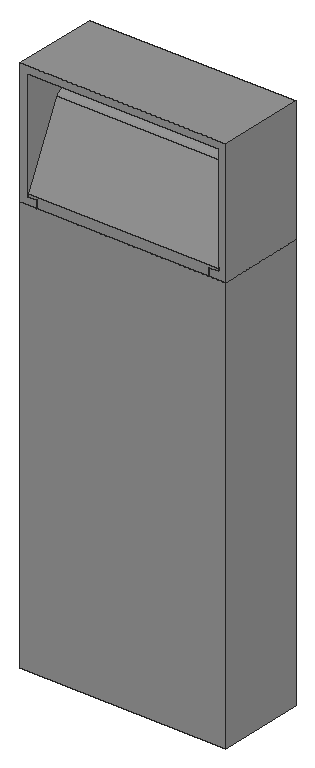
Revit family "0047930 Sylvania Lighting Fixture START eco Bollard Rectangular M IP65 780lm 830 BLK", category Lighting Fixtures, host Face, Revit 2016
Family settings
  Host = Face
  Part Type = Normal
  Round Connector Dimension = Use Diameter
  OmniClass Number = 23.80.70.00
  OmniClass Title = Lighting
  Cut with Voids When Loaded = No
  Light Source = Yes
  Shared = No
  Room Calculation Point = No
Parameters (values of type "0047930 ST E BLLRD RECT M IP65 780LM 830 BLK")
  Weight = "6.08 kg"
  Wattage Comments = ""
  Wattage = 12 W
  WarrantyStartDate [instance] = "n/a"
  WarrantyGuarantorParts = "n/a"
  WarrantyDurationUnit = "n/a"
  WarrantyDurationParts = "n/a"
  WarrantyDescription = "n/a"
  built-in parameter 1150110 = 1 (stored number, unit not read)
  Voltage = 230 V
  URL = "http://www.sylvania-lighting.com"
  TypeName = "START eco Bollard Rectangular M IP65 780lm 830 BLK"
  Type Image = <None>
  Type Comments = "n/a"
  built-in parameter 1114217 = 1 (stored number, unit not read)
  Tilt Angle = 90.00°
  built-in parameter 1150109 = 1 (stored number, unit not read)
  built-in parameter 1150134 = (empty or 0)
  built-in parameter 1150113 = 1 (stored number, unit not read)
  SerialNumber [instance] = "n/a"
  RadiusReflector_SYL = 12.97 mm
  Photometric Web File = "0047930.ies"
  Material_3_SYL = none
  PowerFactor = 0
  PowerConsumption = "12 W"
  NominalLength = 190 mm
  NominalHeight = 500 mm
  NominalDepth = 80 mm
  Name = "START eco Bollard Rectangular M IP65 780lm 830 BLK"
  ModelReference = Name  # "START eco Bollard Rectangular M IP65 780lm 830 BLK"
  ModelNumber = "0047930"
  Model = Name  # "START eco Bollard Rectangular M IP65 780lm 830 BLK"
  Material = "n/a"
  ManufacturerName = "Feilo Sylvania"
  Manufacturer = "Feilo Sylvania"
  LuminousEfficacy = "44 lm/W"
  built-in parameter 1150105 = 285.12 (stored number, unit not read)
  Lumens = 528 lm
  LuminaireType = ""
  built-in parameter 1150115 = 1 (stored number, unit not read)
  LightOutputRatio = "100"
  built-in parameter 1150137 = (empty or 0)
  built-in parameter 1150139 = (empty or 0)
  LampsType = Lamp  # "LED"
  LampNominalLuminous = "524 lm"
  LampMacAdamStep = "n/a"
  LampColourTemperature = "3000"
  LampColourRenderingIndex = "80"
  built-in parameter 1150112 = 1 (stored number, unit not read)
  built-in parameter 1150114 = 1 (stored number, unit not read)
  Lamp = "LED"
  Keynote = "16500"
  InstallationDate [instance] = "n/a"
  InputVoltage = "220-240V~"
  InputNominalFrequency = "50/60 Hz"
  built-in parameter 1150132 = (empty or 0)
  built-in parameter 1150102 = (empty or 0)
  built-in parameter 1150107 = 3000 (stored number, unit not read)
  built-in parameter 1150138 = (empty or 0)
  IngressProtection = "IP65"
  ImpactProtectionIndex = "IK10"
  built-in parameter 1150106 = 2.8512 (stored number, unit not read)
  IfcExportType = "IfcLightFixtureType"
  IfcExportAs = "IfcLightFixtureType"
  Height_SYL = 500 mm
  ExpectedLife = 50000
  Emit from Rectangle Width = 150 mm
  Emit from Rectangle Length = 16 mm
  Emit Shape Visible in Rendering = no
  ElectricShockClassification = "Class I"
  built-in parameter 1150104 = 4.0877 (stored number, unit not read)
  DurationUnit = "hours"
  DocumentationLiterature = "http://www.sylvania-lighting.com/product/en-int/products/0047930"
  DimmingControlOptions = "Non dimmable"
  Material_2_SYL = LED-Sylvania-STARTBollardRect
  Dimming Lamp Color Temperature Shift = <None>
  Description = "n/a"
  Default Elevation = 1219.2 mm
  CreatedOn = "9/10/2018"
  CreatedBy = "@sylvania-lighting.com"
  Cost = 0
  Color Filter = 16777215
  built-in parameter 1114216 [instance] = (empty or 0)
  ClassificationValue = "EF_70_80"
  ClassificationName = "Uniclass2015"
  Material_1_SYL = Steel, Paint Finish, Dark Gray, Matte
  BarCode [instance] = "n/a"
  built-in parameter 1114218 = 1 (stored number, unit not read)
  built-in parameter 1150133 = 10 (stored number, unit not read)
  AssetType = "Fixed"
  AssetIdentifier [instance] = "n/a"
  Assembly Code = "D5020200"
  Apparent Load = 12 VA
  Material_4_SYL = none
Reference planes
  plane 1 "Center (Front/Back)": y = 0
  plane 2: z = 0
  plane 3 "Center (Left/Right)": x = 0
  plane 4: x = 95
  plane 5: x = -95
  plane 6: z = 500
  plane 7: z = 385
  plane 8: z = 465.625
  plane 9: z = 493
  plane 10: x = -88
  plane 11: x = 88
  plane 12: z = 392
  plane 13: x = -79.5
  plane 14: x = 79.5
  plane 15: z = 394
  plane 16: y = 40
  plane 17: y = -40
  plane 18: z = 475.625
  plane 19: z = 488
  plane 20: z = 491
  plane 21: y = -8
  plane 22: y = 8
Forms (mm)
  Extrusion 1, solid, material "Steel, Paint Finish, Dark Gray, Matte" <- "Material_1_SYL"
    sketch origin (0, 0, 0) x (1, 0, 0) y (0, 0, 1)
      loop
        line (-95, 500) -> (-95, 385) -> (-79.5, 385) -> (-79.5, 392) -> (-88, 392) -> (-88, 493) -> (88, 493) -> (88, 392) -> (79.5, 392) -> (79.5, 385) -> (95, 385) -> (95, 500) -> (-95, 500)
    from -40 to 40
  Extrusion 2, solid, material "Steel, Paint Finish, Dark Gray, Matte" <- "Material_1_SYL"
    sketch origin (0, 0, 0) x (0, 1, 0) y (0, 0, 1)
      loop
        line (-7.382, 460.561) -> (-40, 394) -> (-40, 385) -> (40, 385) -> (40, 394) -> (7.382, 460.561)
        arc (7.382, 460.561) -> (0, 464.761) -> (-7.382, 460.561) r 8.587
    from -88 to 88
  Extrusion 3, void
    sketch origin (0, 0, 0) x (1, 0, 0) y (0, 0, 1)
      loop
        line (-79.5, 385) -> (-79.5, 392) -> (-88, 392) -> (-88, 385) -> (-79.5, 385)
      loop
        line (88, 385) -> (88, 392) -> (79.5, 392) -> (79.5, 385) -> (88, 385)
    from -40 to 40
  Extrusion 4, solid, material "Steel, Paint Finish, Dark Gray, Matte" <- "Material_1_SYL"
    sketch origin (0, 0, 0) x (1, 0, 0) y (0, 0, 1)
      loop
        line (-95, 0) -> (95, 0) -> (95, 385) -> (-95, 385) -> (-95, 0)
    from -40 to 40
  Extrusion 5, solid, material "LED-Sylvania-STARTBollardRect" <- "Material_2_SYL"
    sketch origin (0, 0, 0) x (1, 0, 0) y (0, 0, 1)
      loop
        line (-79.5, 493) -> (-79.5, 491) -> (79.5, 491) -> (79.5, 493) -> (-79.5, 493)
    from -8 to 8
Cuts and joins
  Extrusion 3 cuts Extrusion 2
Lines and regions (mm)
  reference lines
    curve 1: line (0, 0, 475.625) -> (0, -40, 394)
    curve 2: line (0, 0, 475.625) -> (0, 40, 394)
Dimensions and locks
  locked: plane 10 to plane 5 at 7
  locked: plane 4 to plane 11 at 7
  locked: plane 12 to plane 7 at 7
  locked: plane 13 to plane 5 at 15.5
  locked: plane 4 to plane 14 at 15.5
  locked: plane 15 to plane 12 at 2
  equal spacing: plane 17, plane 1 "Center (Front/Back)", plane 16
  locked: plane 17 to plane 16 at 80
  "Height_SYL": plane 6 to plane 2
  locked: plane 6 to plane 9 at 7
  locked: plane 6 to plane 8 at 34.375
  locked: plane 6 to plane 7 at 115
  locked: plane 18 to plane 8 at 10
  locked: plane 6 to plane 19 at 12
  locked: plane 9 to plane 20 at 2
  plane 21 to plane 1 "Center (Front/Back)" to plane 22 = 8 mm locked, 8 mm locked
  aligned and locked: plane 2 to host face
  aligned and locked: level to host face
  aligned and locked: plane 6 to Extrusion 1 sketch curve
  aligned and locked: plane 5 to Extrusion 1 sketch curve
  aligned and locked: Extrusion 1 sketch curve to plane 7
  aligned and locked: Extrusion 1 sketch curve to plane 4
  aligned and locked: plane 9 to Extrusion 1 sketch curve
  aligned and locked: Extrusion 1 sketch curve to plane 12
  aligned and locked: Extrusion 1 sketch curve to plane 11
  aligned and locked: Extrusion 1 sketch curve to plane 13
  aligned and locked: Extrusion 1 sketch curve to plane 14
  aligned and locked: plane 12 to Extrusion 1 sketch curve
  aligned and locked: plane 7 to Extrusion 1 sketch curve
  aligned and locked: plane 10 to Extrusion 1 sketch curve
  aligned and locked: Extrusion 1 to plane 16
  aligned and locked: plane 17 to Extrusion 1
  aligned and locked: plane 17 to curve 1
  aligned and locked: plane 15 to curve 1
  aligned and locked: plane 1 "Center (Front/Back)" to curve 1
  aligned and locked: plane 16 to curve 2
  aligned and locked: plane 18 to curve 2
  aligned and locked: curve 1 to Extrusion 2 sketch curve
  aligned and locked: Extrusion 2 sketch curve to Extrusion 1  (x2)
  aligned and locked: plane 11 to Extrusion 2
  aligned and locked: Extrusion 3 sketch curve to Extrusion 1  (x6)
  aligned and locked: Extrusion 3 sketch curve to Extrusion 2  (x2)
  aligned and locked: plane 17 to Extrusion 3
  aligned and locked: Extrusion 3 to plane 16
  aligned and locked: Extrusion 4 sketch curve to level
  aligned and locked: Extrusion 4 sketch curve to plane 5
  aligned and locked: Extrusion 4 sketch curve to Extrusion 1  (x2)
  aligned and locked: Extrusion 4 to plane 16
  aligned and locked: plane 17 to Extrusion 4
  aligned and locked: plane 3 "Center (Left/Right)" to imposter light
  aligned and locked: plane 1 "Center (Front/Back)" to imposter light
  aligned and locked: curve 2 to Extrusion 2 sketch curve
  aligned and locked: imposter light to plane 19
  aligned and locked: plane 9 to Extrusion 5 sketch curve
  aligned and locked: Extrusion 5 sketch curve to plane 20
  aligned and locked: Extrusion 5 sketch curve to plane 14
  aligned and locked: plane 13 to Extrusion 5 sketch curve
  aligned and locked: Extrusion 5 to plane 21
  aligned and locked: plane 22 to Extrusion 5
Automatic sketch dimensions
  host sketch curve to host sketch curve = 2438.4 mm  (x2)
  plane 15 to curve 2 = 0 mm
  plane 15 to Extrusion 2 sketch curve = 0 mm
  plane 8 to Extrusion 2 sketch curve = 5.064 mm  (x2)
  Extrusion 2 sketch curve to Extrusion 2 sketch curve = 4.387 mm
Connectors
  electrical at (0, 0, 0), driven by "Apparent Load", driven by "PowerFactor", driven by "Voltage"
    settings: index 1, voltage 230 V, apparent load 12 VA, apparent load phase1 0 VA, apparent load phase2 0 VA, apparent load phase3 0 VA, power factor 0, load classification "Lighting", number of poles 1, system type 30, power factor state 1, is connector primary yes, connector utility no, sub classification motor no, connector description ""
